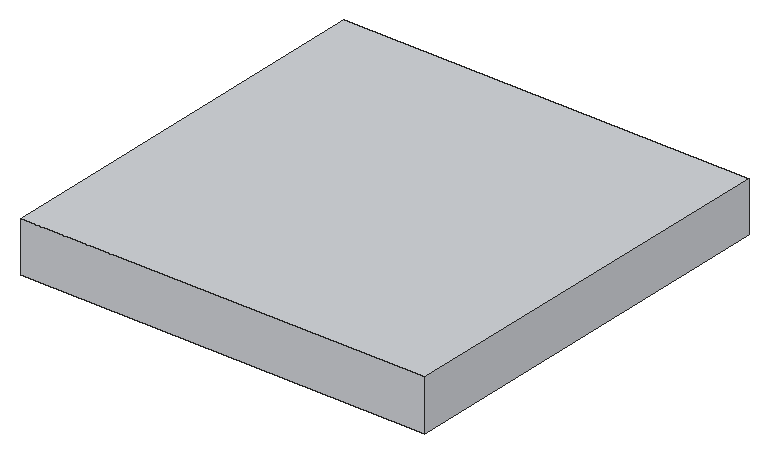
Revit family "Sanitary_Showers_DELABIE_H9633L-Recessed-sequential-thermostatic", category Accessoire de canalisation, Revit 2018
Family settings
  Hôte = Face
  Cote de connecteur circulaire = Utiliser le diamètre
  Type d'élément = Normal
  Couper avec des vides une fois chargée = Non
  Partagée = Non
Parameters
  Default Elevation = 1219.2 mm
Reference planes
  plane 1 "Centre (avant/arrière)": y = 0
  plane 2: z = 0
  plane 3 "Centre (gauche/droite)": x = 0
Forms (mm)
  Extrusion 1, solid
    sketch origin (0, 0, 0) x (1, 0, 0) y (0, 1, 0)
      loop
        line (-1219.2, 1219.2) -> (-1219.2, -1219.2) -> (1219.2, -1219.2) -> (1219.2, 1219.2) -> (-1219.2, 1219.2)
    from 0 to -304.8
Dimensions and locks
  aligned and locked: plane 2 to Extrusion 1
  aligned and locked: level to Extrusion 1
Nested families
  nested 1: "Sanitary_Showers_DELABIE_H9633L-Recessed-sequential-thermostatic" at (0, 0, 0), type "Default"
Definition of nested family "Sanitary_Showers_DELABIE_H9633L-Recessed-sequential-thermostatic"
  Parameters (values of type "Default")
    Youtube clip = ""
    Uniformat II Description = ""
    Uniformat II Code = ""
    Uniclass 2015 Name = "Sanitary fittings and accessories"
    Uniclass 2015 Code = "Pr_40_20"
    Uniclass 2.0 Description = "Shower Mixers"
    Uniclass 2.0 Code = "PR-35-06-82"
    Uniclass 1.4 Description = "Showers"
    Uniclass 1.4 Code = "L7214"
    UNSPSC Code = "301815"
    Technical description = "https://www.delabie.com/products/h9633l"
    Region South America = "AR, BO, BR, CL, CO, EC, FK, GF, GY, PE, PY, SR, UY, VE"
    Region Oceania = "AU, FJ, NC, NZ, PG, SB, TL, VU"
    Region North America = "BS, BZ, CA, CR, CU, DO, GL, GT, HN, HT, JM, MX, NI, PA, PR, SV, TT, US"
    Region Middle East = "AE, AF, EG, IL, IQ, IR, JO, KW, LB, OM, PS, QA, SA, SY, TR, YE"
    Region Europe = "AL, AT, BA, BE, BG, BY, CH, CY, CZ, DE, DK, EE, ES, FI, FR, GB, GR, HR, HU, IE, IS, IT, LT, LU, LV, MD, ME, MK, NL, NO, PL, PT, RO, RS, RU, SE, SI, SJ, SK, UA"
    Region Asia = "AM, AZ, BD, BN, BT, CN, GE, ID, IN, JP, KG, KH, KP, KR, KZ, LA, LK, MM, MN, MY, NP, PH, PK, TH, TJ, TM, TW, UZ, VN"
    Region Antarctica = "TF"
    Region Africa = "AO, BF, BI, BJ, BW, CD, CF, CG, CI, CM, DJ, DZ, EH, ER, ET, GA, GH, GM, GN, GQ, GW, KE, LR, LS, LY, MA, MG, ML, MR, MW, MZ, NA, NE, NG, RW, SD, SL, SN, SO, SS, SZ, TD, TG, TN, TZ, UG, ZA, ZM, ZW"
    QR code = "http://bimobject.com/delabie/product/H9633L"
    Product url = "https://www.delabie.com/products/h9633l"
    Product name = "H9633L Recessed sequential thermostatic shower mixer"
    Product group = "Shower mixer"
    Product family = "Sanitary"
    Product data url = "https://bimobject.com/delabie/product/H9633L"
    Product certification = "https://www.delabie.com/products/h9633l"
    Product SKU = "H9633L"
    Product Guid = "2ad9352a-a650-4381-b0d5-268459e3a2d9"
    OmniClass Description = "Showers"
    OmniClass Code = "23-31 17 00"
    NBS Reference Description = "Shower Mixers"
    NBS Reference Code = "35-06-82"
    Material secondary = ""
    Material main = "Brass"
    Masterformat 2014 Description = "Healthcare Showers"
    Masterformat 2014 Code = "22 43 23"
    Manufacturer name = "DELABIE"
    Manufacturer country = "France"
    Installation instructions = "https://www.delabie.com/products/h9633l"
    IFC Classification = "Sanitary Terminal"
    GTIN code = ""
    Edition number = 1
    Design country = "France"
    Date of publishing = ""
    COBIe Type Category = ""
    Brand url = "http://www.delabie.com"
    BOS_1_Visibility = yes
    BOS_1_Material = none
    BOS_0_Visibility = yes
    BOS_0_Material = none
    BIMobject main category code = "sanitary"
    BIMobject main category = "Sanitary"
    BIMobject category code = "showers"
    BIMobject category = "Showers"
  Reference planes
    plane 1 "Center (Front/Back)": y = 0
    plane 2: z = 0
    plane 3 "Center (Left/Right)": x = 0
  Dimensions and locks
    aligned and locked: plane 2 to level
  Imported bodies without a history: 1
